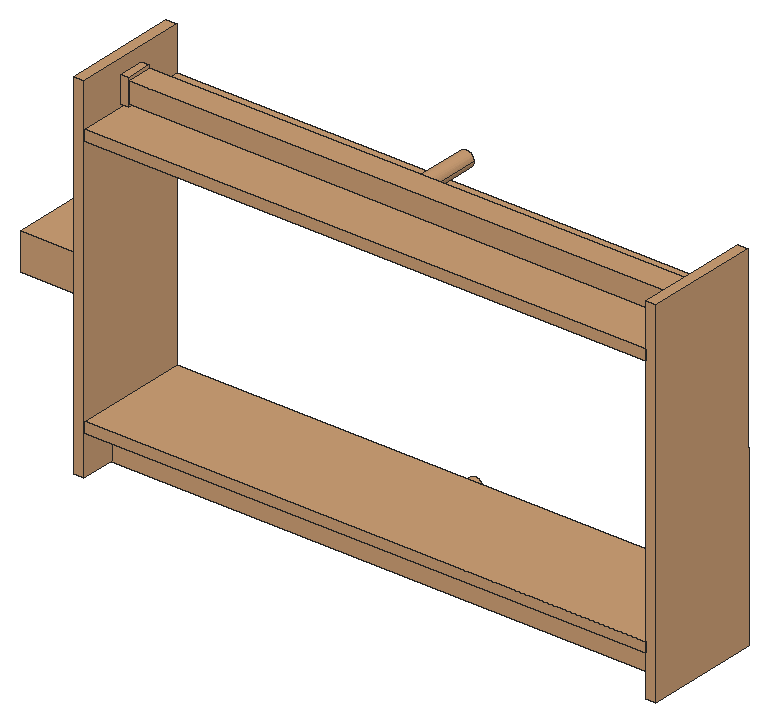
Revit family
Parameters
  Center Of Unit = 0' - 0"  # constant formula
  Water Pressure Drop [instance] = 0.00 psi
  Water Flow [instance] = 0 GPM
  Unit Weight (lbs) = 942
  URL = "http://www.ljwing.com/"
  Water Outlet Radius = 0' - 1 1/2"
  Water Outlet Odd sizes = 0' - 0"
  Total Heating Capacity [instance] = 0.0 Btu/h
  Temperature Rise [instance] = 0 °F
  Series = "VIFB"
  Outlet Area = 35.80 SF
  Number of Rows = 1  # constant formula
  Number of Coils [instance] = 0
  Nominal Length = 9' - 3 3/16"
  Model = "VC-10"
  Manufacturer = "LJ Wing"
  Leaving Water Temperature [instance] = 0 °F
  Leaving Air Temperature [instance] = 0 °F
  Face Velocity (FPM) [instance] = 0
  Entering Water Temperature [instance] = 0 °F
  Entering Air Temperature [instance] = 0 °F
  Description = "Vertical Integral Face & Bypass Water Heating Coils"
  Hot Water Odd Sizes = 0' - 0"
  Hot Water Inlet Offset = 0' - 4 3/8"  # constant formula
  Hot Water Inlet  Radius = 0' - 1 1/2"
  Coil Face Area = Outlet Area * 0.56  # 20.048 SF
  Casing Material = ""
  Assembly Code = "D3020300"
  Air Pressure Drop [instance] = 0.00 in-wg
  Air Inlet Width = Nominal Length - 0' 4"  # 8' - 11 3/16"
  Air Inlet Height = Y  # 4' - 0"
  Air Flow [instance] = 0 CFM
  Z = 0' - 2 1/8"
  Y = 4' - 0"
  S = 0' - 9 3/4"
  Product URL = "http://www.ljwing.com/html/vifb.asp"
  OmniClass = "23-75 70 21 14"
  Nominal Height = 5' - 8"
  Nominal Depth = 1' - 10"
  R = 0' - 10 1/4"
  Q = 0' - 4 19/32"
  P = 0' - 5 1/8"
  L = 0' - 5 15/16"
Reference planes (in)
  plane 1 "Center (Front/Back)": y = 0
  plane 2: z = -24
  plane 3 "Center (Left/Right)": x = 0
  plane 4: z = 34.25
  plane 5: x = -55.59375
  plane 6: x = 55.59375
  plane 7: z = -33.75
  plane 8: z = 0
  plane 9: y = -11
  plane 10: y = 11
  plane 11: z = 24
  plane 12: z = 26
  plane 13: z = -26
  plane 14: x = 53.59375
  plane 15: x = -53.59375
  plane 16: z = 29.125
  plane 17: z = -27.8125
  plane 18: x = -51
  plane 19: x = 51
  plane 20: y = 13.125
  plane 21: y = 15.375
  plane 22: x = -66.59375
  plane 23: x = 0
  plane 24: x = 0
  plane 25: z = 31.125
  plane 26: z = 27.125
  plane 27: y = -2.5
  plane 28: y = 2.5
  plane 29: y = -4.5
Forms (in)
  Extrusion 1, solid, material "Painted Finish"
    sketch origin (0, 6, -9.75) x (1, 0, 0) y (0, 0, 1)
      loop
        line (-55.59375, -24) -> (-53.59375, -24) -> (-53.59375, 44) -> (-55.59375, 44) -> (-55.59375, -24)
      loop
        line (55.59375, -24) -> (55.59375, 44) -> (53.59375, 44) -> (53.59375, -24) -> (55.59375, -24)
    from -5 to 17
  Extrusion 2, solid, material "Painted Finish"
    sketch origin (0, 6, 0) x (1, 0, 0) y (0, 0, 1)
      loop
        line (53.59375, -24) -> (-53.59375, -24) -> (-53.59375, -26) -> (53.59375, -26) -> (53.59375, -24)
      loop
        line (53.59375, 24) -> (53.59375, 26) -> (-53.59375, 26) -> (-53.59375, 24) -> (53.59375, 24)
    from -5 to 17
  Extrusion 3, solid, material "Painted Finish"
    sketch origin (0, 10, -0.5) x (1, 0, 0) y (0, 0, 1)
      loop
        line (-55.59375, 4) -> (-66.59375, 4) -> (-66.59375, -3) -> (-55.59375, -3) -> (-55.59375, 4)
    from 0 to 20
  Extrusion 4, solid, material "Painted Finish"
    sketch origin (0, 6, 0) x (1, 0, 0) y (0, 0, 1)
      loop
        line (-51.96875, 31.125) -> (-51.96875, 27.125) -> (51.96875, 27.125) -> (51.96875, 31.125) -> (-51.96875, 31.125)
    from 3.5 to 8.5
  Extrusion 5, solid, material "Painted Finish"
    sketch origin (0, 0, 0) x (1, 0, 0) y (0, 0, 1)
      loop
        line (-51.96875, 26.625) -> (-51.96875, 31.625) -> (-53.59375, 31.625) -> (-53.59375, 26.625) -> (-51.96875, 26.625)
      loop
        line (53.59375, 26.625) -> (53.59375, 31.625) -> (51.96875, 31.625) -> (51.96875, 26.625) -> (53.59375, 26.625)
    from -2.5 to 2.5
  Extrusion 6, solid, material "Painted Finish"
    sketch origin (0, 23, 0) x (1, 0, 0) y (0, 0, 1)
      loop
        circle (0, 29.125) r 1.5
    from 9.875 to 20.5
  Extrusion 7, solid, material "Painted Finish"
    sketch origin (0, 6, 0) x (1, 0, 0) y (0, 0, 1)
      loop
        line (-53.59375, -26) -> (-53.59375, -33.75) -> (53.59375, -33.75) -> (53.59375, -26) -> (-53.59375, -26)
    from -5 to 10.5
  Extrusion 8, solid, material "Painted Finish"
    sketch origin (0, 23, 0) x (1, 0, 0) y (0, 0, 1)
      loop
        circle (0, -27.8125) r 1.5
    from 7.625 to 12
  Extrusion 9, void
    sketch origin (0, 0, 0) x (1, 0, 0) y (0, 0, 1)
      loop
        line (-53.59375, 24) -> (-53.59375, -24) -> (53.59375, -24) -> (53.59375, 24) -> (-53.59375, 24)
    from -11 to 11
Cuts and joins
  Extrusion 9 cuts Extrusion 1
  Extrusion 9 cuts Extrusion 2
Dimensions and locks (in)
  "Nominal Length": plane 6 to plane 5
  equal spacing: plane 6, plane 3 "Center (Left/Right)", plane 5
  "S": plane 2 to plane 7
  "Nominal Depth": plane 10 to plane 9
  equal spacing: plane 10, plane 1 "Center (Front/Back)", plane 9
  "Y": plane 11 to plane 2
  "R": plane 4 to plane 11
  locked: plane 12 to plane 11 at 2
  locked: plane 2 to plane 13 at 2
  "P": plane 4 to plane 16
  "L": plane 17 to plane 7
  "Q": plane 18 to plane 5
  "Q": plane 6 to plane 19
  "Z": plane 20 to plane 10
  "Hot Water Inlet Offset": plane 21 to plane 10
  locked: plane 5 to plane 22 at 11
  locked: Extrusion 3 sketch curve to Extrusion 3 sketch curve at 7
  locked: Extrusion 3 to Extrusion 3 at 20
  locked: plane 6 to plane 14 at 2
  locked: plane 15 to plane 5 at 2
  "Water Outlet Odd sizes": plane 23 to plane 3 "Center (Left/Right)"
  "Hot Water Odd Sizes": plane 3 "Center (Left/Right)" to plane 24
  equal spacing: plane 25, plane 16, plane 26
  locked: Extrusion 5 sketch curve to plane 25 at 0.5
  locked: plane 26 to Extrusion 5 sketch curve at 0.5
  locked: Extrusion 6 sketch curve to plane 16 at 0
  locked: Extrusion 6 sketch curve to plane 23 at 0
  locked: Extrusion 8 sketch curve to plane 17 at 0
  locked: Extrusion 8 sketch curve to plane 24 at 0
  locked: plane 25 to plane 26 at 4
  locked: plane 28 to plane 27 at 5
  equal spacing: plane 28, plane 1 "Center (Front/Back)", plane 27
  locked: plane 27 to plane 29 at 2
  plane 4 to plane 7 = 5' - 8"
  locked: Extrusion 5 sketch curve to Extrusion 1 at 1.625
  locked: Extrusion 5 sketch curve to Extrusion 5 sketch curve at 1.625
  locked: Extrusion 9 sketch curve to plane 11 at 0
  locked: Extrusion 9 sketch curve to plane 15 at 0
  locked: Extrusion 9 sketch curve to plane 14 at 0
  locked: Extrusion 9 sketch curve to plane 2 at 0
  equal spacing: plane 11, plane 8, plane 2
  "Water Outlet Radius": radius of Extrusion 6 sketch curve
  "Hot Water Inlet  Radius": radius of Extrusion 8 sketch curve
  aligned and locked: Extrusion 1 to plane 9
  aligned and locked: Extrusion 1 to plane 10
  aligned and locked: plane 15 to Extrusion 1
  aligned and locked: Extrusion 1 to plane 14
  aligned and locked: Extrusion 2 to plane 9
  aligned and locked: plane 9 to Extrusion 1
  aligned and locked: plane 10 to Extrusion 1  (x2)
  aligned and locked: Extrusion 2 to plane 10
  aligned and locked: plane 10 to Extrusion 2  (x2)
  aligned and locked: plane 9 to Extrusion 2  (x2)
  aligned and locked: plane 5 to Extrusion 3
  aligned and locked: Extrusion 5 sketch curve to plane 15
  aligned and locked: Extrusion 5 sketch curve to Extrusion 4
  aligned and locked: Extrusion 6 to plane 20
  aligned and locked: Extrusion 1 to Extrusion 7
  aligned and locked: Extrusion 8 to plane 10
  aligned and locked: plane 21 to Extrusion 8
  aligned and locked: plane 27 to Extrusion 5
  aligned and locked: Extrusion 5 to Extrusion 4  (x2)
  aligned and locked: Extrusion 5 to plane 28
  aligned and locked: Extrusion 6 to Extrusion 4
  aligned and locked: Extrusion 7 to plane 29  (x2)
  aligned and locked: Extrusion 8 to Extrusion 7
  aligned and locked: Extrusion 4 to Extrusion 5  (x2)
  aligned and locked: Extrusion 5 to Extrusion 1  (x2)
  aligned and locked: plane 2 to Extrusion 2
  aligned and locked: plane 6 to Extrusion 1 sketch curve
  aligned and locked: plane 14 to Extrusion 1 sketch curve
  aligned and locked: Extrusion 1 sketch curve to plane 15
  aligned and locked: Extrusion 1 sketch curve to plane 5
  aligned and locked: plane 7 to Extrusion 1 sketch curve  (x2)
  aligned and locked: Extrusion 1 sketch curve to plane 4  (x2)
  aligned and locked: Extrusion 2 sketch curve to plane 11
  aligned and locked: Extrusion 2 sketch curve to plane 12
  aligned and locked: Extrusion 2 sketch curve to plane 14  (x2)
  aligned and locked: Extrusion 2 sketch curve to plane 15  (x2)
  aligned and locked: Extrusion 2 sketch curve to plane 13
  aligned and locked: plane 2 to Extrusion 2 sketch curve
  aligned and locked: plane 13 to Extrusion 7 sketch curve
  aligned and locked: Extrusion 7 sketch curve to plane 7
  aligned and locked: Extrusion 7 sketch curve to plane 14
  aligned and locked: plane 15 to Extrusion 7 sketch curve
  aligned and locked: cut or joined group of Extrusion 1, Extrusion 9 to plane 10
  aligned and locked: Extrusion 8 to plane 21
Automatic sketch dimensions
  Extrusion 3 sketch curve to plane 22 = 0' - 0"
  Extrusion 3 sketch curve to plane 5 = 0' - 0"
  plane 8 to Extrusion 3 sketch curve = 0' - 3 1/2"
  Extrusion 4 sketch curve to plane 25 = 0' - 0"
  Extrusion 4 sketch curve to plane 26 = 0' - 0"
  Extrusion 4 sketch curve to plane 18 = 0' - 0 31/32"
  plane 19 to Extrusion 4 sketch curve = 0' - 0 31/32"
  plane 26 to Extrusion 5 sketch curve = 0' - 0 1/2"
  Extrusion 5 sketch curve to plane 25 = 0' - 0 1/2"
Connectors (in)
  hvac at (0, -11, 0), driven by "Air Inlet Height", driven by "Air Inlet Width", driven by "Air Flow", driven by "Air Pressure Drop"
    settings: on Extrusion 9, index 1
  hvac at (0, 11, 0), driven by "Air Pressure Drop", driven by "Air Inlet Height", driven by "Air Inlet Width", driven by "Air Flow"
    settings: on Extrusion 9, index 2
  piping at (0, 13.125, 29.125), driven by "Water Flow", driven by "Water Outlet Radius", driven by "Water Pressure Drop"
    settings: on Extrusion 6, index 3
  piping at (0, 15.375, -27.8125), driven by "Water Flow", driven by "Water Pressure Drop", driven by "Hot Water Inlet  Radius"
    settings: on Extrusion 8, index 4
